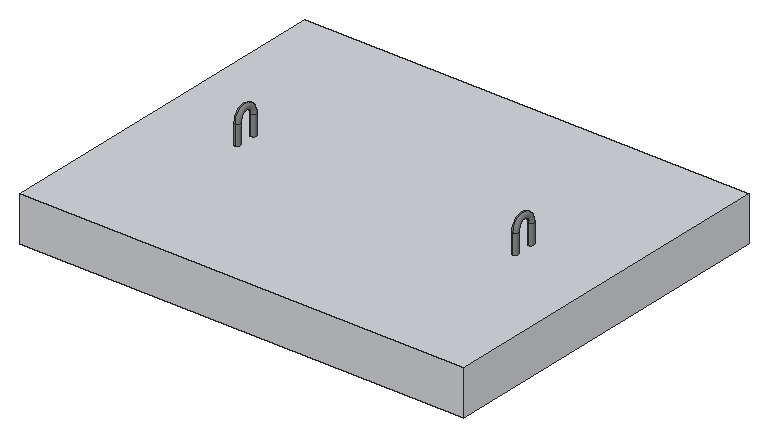
Revit family "110403-00870 Плита ПАКС 1000х800х100 анкерная колодца связи (В15)", category Обобщенные модели, Revit 2019
Family settings
  Может служить основой для арматурных стержней = Нет
  Размер круглого соединителя = Использовать диаметр
  Тип детали = Нормальный
  На основе рабочей плоскости = Нет
  Всегда вертикально = Да
  При загрузке вырезать с полостями = Нет
  Общий = Нет
  Точка расчета площади = Нет
Parameters (values of type "Плита ПАКС 1000х800х100 анкерная колодца связи (В15)")
  ADSK_Ширина [instance] = 1000 mm
  ADSK_Ссылка на сайт = "https://www.ssd.ru/plita-paks-1000kh800kh100-ankernaya-kolodtsa-svyazi-v15-kkp-2"
  ADSK_Наименование = "Плита ПАКС 1000х800х100 анкерная колодца связи"
  ADSK_Масса = "210"
  ADSK_Марка бетона = "В15"
  ADSK_Марка = "ПАКС"
  ADSK_Код изделия = "110403-00870"
  ADSK_Изготовитель = "АО СВЯЗЬСТРОЙДЕТАЛЬ"
  ADSK_Длина [instance] = 800 mm
  ADSK_Высота [instance] = 100 mm
  ADSK_Cертификат соответствия = "https://www.ssd.ru/upload/iblock/fde/sert_b15_0221.pdf"
Reference planes
  plane 1 "По центру (Вперед/Назад)": y = 0
  plane 2: z = 0
  plane 3 "По центру (Влево/Вправо)": x = 0
  plane 4: x = -500
  plane 5: x = 500
  plane 6: y = 400
  plane 7: y = -400
  plane 8: z = 100
Forms (mm)
  Extrusion 1, solid
    sketch origin (0, 0, 0) x (1, 0, 0) y (0, 1, 0)
      loop
        line (-500, 400) -> (-500, -400) -> (500, -400) -> (500, 400) -> (-500, 400)
    from 0 to 100
  Sweep 2, solid, material "Ж/Б", detail levels fine
    path origin (0, -22, 0) x (0, 1, 0) y (0, 0, 1)
      loop
        line (44, 100) -> (44, 145)
        arc (44, 145) -> (22, 167) -> (0, 145) r 22
        line (0, 145) -> (0, 100)
    profile origin (0, 22, 122.5) x (0, -1, 0) y (1, 0, 0)
      loop
        circle (0, -313) r 6
  Sweep 3, solid, material "Ж/Б", detail levels fine
    path origin (0, -22, 0) x (0, 1, 0) y (0, 0, -1)
      loop
        line (44, -100) -> (44, -145)
        arc (44, -145) -> (22, -167) -> (0, -145) r 22
        line (0, -145) -> (0, -100)
    profile origin (0, 22, 122.5) x (0, 1, 0) y (-1, 0, 0)
      loop
        circle (0, -313) r 6
Dimensions and locks
  "ADSK_Ширина": plane 4 to plane 5
  equal spacing: plane 4, plane 3 "По центру (Влево/Вправо)", plane 5
  "ADSK_Длина": plane 6 to plane 7
  equal spacing: plane 6, plane 1 "По центру (Вперед/Назад)", plane 7
  "ADSK_Высота": plane 8 to level
  aligned and locked: level to plane 2
  aligned and locked: Extrusion 1 sketch curve to plane 6
  aligned and locked: plane 4 to Extrusion 1 sketch curve
  aligned and locked: plane 7 to Extrusion 1 sketch curve
  aligned and locked: Extrusion 1 sketch curve to plane 5
  aligned and locked: plane 8 to Extrusion 1
  aligned and locked: Extrusion 1 to level
Automatic sketch dimensions
  Sweep 2 sketch curve to plane 8 = 0 mm  (x2)
  Sweep 2 sketch curve to plane 1 "По центру (Вперед/Назад)" = 0 mm
  plane 1 "По центру (Вперед/Назад)" to Sweep 2 sketch curve = 22 mm
  Sweep 2 sketch curve to Sweep 2 sketch curve = 45 mm
  Sweep 2 sketch curve to profile plane = 0 mm
  Sweep 2 sketch curve to plane 3 "По центру (Влево/Вправо)" = 313 mm
  Sweep 3 sketch curve to plane 8 = 0 mm  (x2)
  Sweep 3 sketch curve to plane 1 "По центру (Вперед/Назад)" = 0 mm
  plane 1 "По центру (Вперед/Назад)" to Sweep 3 sketch curve = 22 mm
  plane 8 to Sweep 3 sketch curve = 45 mm
  profile plane to Sweep 3 sketch curve = 0 mm
  Sweep 3 sketch curve to profile plane = 313 mm
  radius of Sweep 2 sketch curve = 6 mm
  radius of Sweep 3 sketch curve = 6 mm
